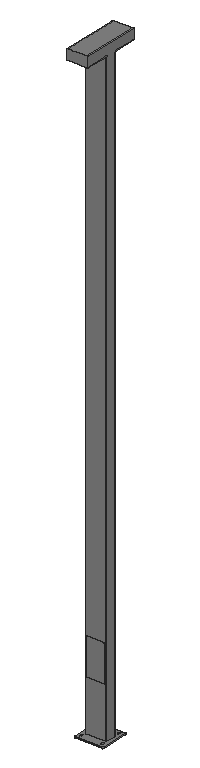
Revit family "Супремус В", category Осветительные приборы, Revit 2019 (continued)
Types (7, lengths in mm): name | Файл фотометрической сетки | built-in parameter 1150105 | Lumens | built-in parameter 1150106 | built-in parameter 1150142 | Wattage | L_общая рассеиватели | ADSK_Фактическая мощность | ADSK_Размер_Высота | ADSK_Номинальная мощность | ADSK_Наименование | ADSK_Масса_Текст | ADSK_Масса | ADSK_Артикул | 2
     46.8 46.0 45.0 44.1 43.4 42.5 41.6 40.0 38.4 36.5 34.7 33.2 32.3 30.6 29.3 28.5\r\n 26.3 23.0 19.4 17.2 16.0 15.0 14.0 13.2 12.4 11.4 10.1 9.5 9.4 9.6 9.9 9.4 8.7 8.2 7.5 7.5 7.0 7.6 7.8 7.5 6.8 5.9 5.2 5.0 4.9\r\n 5.1 5.3 5.4 0.0 0.0 0.0 0.0 0.0 0.0 0.0 0.0 0.0 0.0 0.0 0.0 0.0 0.0 0.0 0.0 0.0 0.0 0.0 0.0 0.0 0.0 0.0 0.0 0.0 0.0 0.0 0.0 0.0\r\n 0.0 0.0 0.0 0.0 0.0 0.0 0.0 0.0 0.0 0.0 0.0 0.0 0.0 0.0 0.0 0.0 0.0 0.0 0.0 0.0 0.0 0.0 0.0 0.0 0.0 0.0 0.0 0.0 0.0 0.0 0.0 0.0\r\n 0.0 0.0 0.0 0.0 0.0 0.0 0.0 0.0 0.0 0.0 0.0 0.0 0.0 0.0 0.0 0.0 0.0 0.0 0.0 0.0 0.0 0.0 0.0 0.0 0.0 0.0 0.0 0.0 0.0 0.0 0.0 0.0\r\n 0.0 0.0 0.0 0.0 0.0 0.0 0.0 0.0 0.0 0.0 0.0 0.0 0.0 0.0 0.0 0.0 0.0 0.0 0.0 0.0 0.0 0.0 0.0 0.0 0.0 0.0 0.0 0.0 0.0 0.0 0.0 0.0\r\n 0.0 0.0 0.0 0.0 0.0 0.0 0.0 0.0 0.0 0.0 0.0 0.0 0.0 0.0 0.0 0.0 0.0 0.0 0.0 0.0 0.0 0.0 0.0 0.0 0.0 0.0 0.0 0.0 0.0 0.0 0.0 0.0\r\n 0.0 0.0 0.0\r\n275.6 273.3 270.8 268.1 265.9 263.1 260.6 258.2 255.5 252.9 250.2 247.2 243.8 239.9 235.5 231.1 227.1 223.2 220.1 217.2 214.0\r\n 210.7 207.1 203.2 199.2 195.4 191.3 187.4 183.1 178.7 174.0 169.0 163.9 158.9 154.0 149.5 145.1 140.9 137.3 134.0 130.8 128.1\r\n 125.5 122.8 120.4 118.0 115.6 113.1 110.3 107.4 104.4 101.3 98.5 95.8 93.2 90.5 87.6 84.6 81.8 79.1 76.8 74.3 72.0 69.7 67.3 65.3\r\n 63.2 61.3 59.6 58.0 56.5 55.0 53.5 52.1 50.6 49.2 48.0 46.7 45.5 44.5 43.5 42.6 41.7 40.9 40.1 39.3 38.6 38.1 37.8 37.3 37.1 37.0\r\n 37.1 37.0 36.8 37.0 37.4 37.8 38.1 38.0 37.8 37.6 37.3 36.8 36.6 37.1 37.0 36.8 36.2 35.5 34.8 34.0 33.7 33.4 33.0 33.0 33.0 33.3\r\n 34.0 34.6 35.5 36.7 38.1 40.0 42.8 47.2 51.7 56.4 60.8 64.8 68.8 72.0 73.8 73.9 72.0 71.0 68.6 66.5 64.1 62.7 61.3 60.0 58.5 56.8\r\n 56.1 55.2 54.4 53.4 52.5 51.8 51.1 50.4 49.5 48.6 47.6 46.3 45.2 44.3 43.2 42.2 40.4 38.6 36.6 34.9 33.6 32.3 30.6 29.5 28.1 25.7\r\n 22.1 18.9 17.2 16.0 14.9 13.9 13.1 12.3 11.4 9.9 9.6 9.6 10.0 9.9 9.6 8.8 8.1 7.7 7.5 7.8 8.6 8.4 7.8 6.8 5.8 5.3 5.2 5.0 5.3 5.5\r\n 5.7 0.0 0.0 0.0 0.0 0.0 0.0 0.0 0.0 0.0 0.0 0.0 0.0 0.0 0.0 0.0 0.0 0.0 0.0 0.0 0.0 0.0 0.0 0.0 0.0 0.0 0.0 0.0 0.0 0.0 0.0 0.0\r\n 0.0 0.0 0.0 0.0 0.0 0.0 0.0 0.0 0.0 0.0 0.0 0.0 0.0 0.0 0.0 0.0 0.0 0.0 0.0 0.0 0.0 0.0 0.0 0.0 0.0 0.0 0.0 0.0 0.0 0.0 0.0 0.0\r\n 0.0 0.0 0.0 0.0 0.0 0.0 0.0 0.0 0.0 0.0 0.0 0.0 0.0 0.0 0.0 0.0 0.0 0.0 0.0 0.0 0.0 0.0 0.0 0.0 0.0 0.0 0.0 0.0 0.0 0.0 0.0 0.0\r\n 0.0 0.0 0.0 0.0 0.0 0.0 0.0 0.0 0.0 0.0 0.0 0.0 0.0 0.0 0.0 0.0 0.0 0.0 0.0 0.0 0.0 0.0 0.0 0.0 0.0 0.0 0.0 0.0 0.0 0.0 0.0 0.0\r\n 0.0 0.0 0.0 0.0 0.0 0.0 0.0 0.0 0.0 0.0 0.0 0.0 0.0 0.0 0.0 0.0 0.0 0.0 0.0 0.0 0.0 0.0 0.0 0.0 0.0 0.0 0.0 0.0 0.0 0.0 0.0 0.0\r\n 0.0\r\n275.6 273.1 270.6 268.0 265.6 263.0 260.5 258.1 255.4 252.7 250.1 247.1 243.8 240.0 235.6 231.1 227.0 223.2 219.9 216.9 213.9\r\n 210.5 207.1 203.2 199.1 195.2 191.3 187.2 183.0 178.5 173.6 168.6 163.8 158.8 153.9 149.2 144.9 140.9 137.1 133.8 130.8 128.1\r\n 125.4 122.6 119.9 117.5 115.3 112.7 109.9 107.0 103.9 100.8 97.9 95.3 92.7 90.0 87.2 84.2 81.4 78.7 76.4 74.1 71.7 69.3 67.0 64.8\r\n 62.8 61.0 59.2 57.6 56.2 54.7 53.3 51.8 50.4 49.0 47.8 46.6 45.4 44.3 43.4 42.5 41.7 40.9 40.1 39.3 38.6 38.3 37.9 37.5 37.3 37.1\r\n 37.1 37.0 36.8 36.8 37.3 37.8 38.1 38.0 37.7 37.4 37.0 36.7 36.7 37.3 37.2 36.9 36.4 35.6 35.0 34.5 34.1 33.8 33.4 33.2 33.2 33.7\r\n 34.3 35.1 35.9 36.8 38.3 40.2 42.7 46.8 51.2 56.3 60.4 64.4 69.4 74.0 75.6 75.1 73.7 72.1 69.9 66.7 64.2 62.0 60.7 59.6 58.6 58.5\r\n 57.0 55.3 54.3 53.7 52.9 52.3 51.9 51.3 50.2 49.2 47.7 46.3 44.9 43.8 42.6 41.3 39.5 37.6 35.7 34.3 33.0 32.0 30.7 29.1 27.4 25.2\r\n 22.0 18.5 16.8 15.6 14.5 13.6 12.7 11.8 11.1 10.0 9.1 8.8 9.1 9.4 8.9 8.4 7.9 7.4 7.5 7.8 9.3 8.1 7.1 6.4 5.8 5.2 5.1 4.9 5.0 5.2\r\n 5.5 0.0 0.0 0.0 0.0 0.0 0.0 0.0 0.0 0.0 0.0 0.0 0.0 0.0 0.0 0.0 0.0 0.0 0.0 0.0 0.0 0.0 0.0 0.0 0.0 0.0 0.0 0.0 0.0 0.0 0.0 0.0\r\n 0.0 0.0 0.0 0.0 0.0 0.0 0.0 0.0 0.0 0.0 0.0 0.0 0.0 0.0 0.0 0.0 0.0 0.0 0.0 0.0 0.0 0.0 0.0 0.0 0.0 0.0 0.0 0.0 0.0 0.0 0.0 0.0\r\n 0.0 0.0 0.0 0.0 0.0 0.0 0.0 0.0 0.0 0.0 0.0 0.0 0.0 0.0 0.0 0.0 0.0 0.0 0.0 0.0 0.0 0.0 0.0 0.0 0.0 0.0 0.0 0.0 0.0 0.0 0.0 0.0\r\n 0.0 0.0 0.0 0.0 0.0 0.0 0.0 0.0 0.0 0.0 0.0 0.0 0.0 0.0 0.0 0.0 0.0 0.0 0.0 0.0 0.0 0.0 0.0 0.0 0.0 0.0 0.0 0.0 0.0 0.0 0.0 0.0\r\n 0.0 0.0 0.0 0.0 0.0 0.0 0.0 0.0 0.0 0.0 0.0 0.0 0.0 0.0 0.0 0.0 0.0 0.0 0.0 0.0 0.0 0.0 0.0 0.0 0.0 0.0 0.0 0.0 0.0 0.0 0.0 0.0\r\n 0.0\r\n275.6 273.1 270.8 268.1 265.6 263.1 260.6 258.0 255.4 252.8 250.1 247.2 243.8 239.9 235.6 231.1 227.1 223.3 220.1 216.9 214.0\r\n 210.7 207.3 203.3 199.4 195.4 191.4 187.4 183.1 178.6 173.7 168.6 163.6 158.8 154.1 149.5 145.1 141.1 137.4 134.1 130.9 128.0\r\n 125.3 122.6 120.1 117.8 115.6 113.1 110.3 107.3 104.4 101.4 98.5 95.8 93.2 90.6 87.6 84.7 81.8 79.0 76.6 74.3 72.1 69.6 67.4 65.2\r\n 63.0 61.3 59.5 57.9 56.4 54.9 53.6 52.1 50.7 49.3 48.1 46.9 45.7 44.7 43.7 42.8 41.9 41.0 40.2 39.4 38.7 38.2 37.7 37.3 37.2 37.0\r\n 36.9 36.7 36.5 36.5 37.1 37.7 38.0 37.9 37.7 37.2 36.8 36.6 36.6 37.3 37.3 36.9 36.3 35.5 35.1 34.6 34.1 33.6 33.1 32.9 33.0 33.4\r\n 34.0 34.6 35.7 36.8 38.4 40.4 42.9 46.8 51.4 56.2 60.0 63.6 67.4 71.1 73.3 74.1 72.9 71.5 69.3 67.0 64.9 62.5 60.5 59.5 58.8 57.6\r\n 56.9 55.9 54.7 53.9 52.9 52.2 51.5 50.9 50.0 49.1 47.9 46.8 45.6 44.7 43.7 42.2 40.2 38.3 36.4 35.2 33.6 32.6 31.5 29.4 27.6 25.3\r\n 21.9 18.6 16.9 15.6 14.5 13.5 12.6 11.8 10.8 9.7 9.4 9.1 9.4 9.8 9.3 8.7 8.1 7.7 7.7 8.3 9.7 8.5 7.2 6.4 5.7 5.2 5.0 5.1 5.2 5.3\r\n 5.6 0.0 0.0 0.0 0.0 0.0 0.0 0.0 0.0 0.0 0.0 0.0 0.0 0.0 0.0 0.0 0.0 0.0 0.0 0.0 0.0 0.0 0.0 0.0 0.0 0.0 0.0 0.0 0.0 0.0 0.0 0.0\r\n 0.0 0.0 0.0 0.0 0.0 0.0 0.0 0.0 0.0 0.0 0.0 0.0 0.0 0.0 0.0 0.0 0.0 0.0 0.0 0.0 0.0 0.0 0.0 0.0 0.0 0.0 0.0 0.0 0.0 0.0 0.0 0.0\r\n 0.0 0.0 0.0 0.0 0.0 0.0 0.0 0.0 0.0 0.0 0.0 0.0 0.0 0.0 0.0 0.0 0.0 0.0 0.0 0.0 0.0 0.0 0.0 0.0 0.0 0.0 0.0 0.0 0.0 0.0 0.0 0.0\r\n 0.0 0.0 0.0 0.0 0.0 0.0 0.0 0.0 0.0 0.0 0.0 0.0 0.0 0.0 0.0 0.0 0.0 0.0 0.0 0.0 0.0 0.0 0.0 0.0 0.0 0.0 0.0 0.0 0.0 0.0 0.0 0.0\r\n 0.0 0.0 0.0 0.0 0.0 0.0 0.0 0.0 0.0 0.0 0.0 0.0 0.0 0.0 0.0 0.0 0.0 0.0 0.0 0.0 0.0 0.0 0.0 0.0 0.0 0.0 0.0 0.0 0.0 0.0 0.0 0.0\r\n 0.0\r\n275.6 273.3 270.8 268.4 265.7 263.2 260.8 258.3 255.7 253.1 250.5 247.7 244.4 240.7 236.6 232.2 228.0 224.1 220.7 217.7 214.8\r\n 211.4 208.2 204.6 200.6 196.6 192.8 188.8 184.5 180.4 175.5 170.6 165.6 160.8 156.1 151.6 147.3 143.1 139.2 135.5 132.4 129.4\r\n 126.7 124.1 121.3 118.9 116.7 114.4 111.9 109.2 106.2 103.4 100.6 97.8 95.0 92.3 89.6 86.7 83.8 80.9 78.3 75.9 73.7 71.4 69.0\r\n 66.7 64.6 62.8 61.0 59.3 57.7 56.2 54.8 53.3 51.9 50.5 49.2 48.0 46.8 45.6 44.5 43.4 42.4 41.5 40.5 39.7 38.9 38.2 37.7 37.2 36.9\r\n 36.6 36.4 36.4 36.1 35.8 35.9 36.6 37.0 37.3 37.1 36.7 36.3 36.1 36.0 36.5 37.0 36.6 35.8 34.9 34.4 34.0 33.4 32.9 32.5 32.2 32.3\r\n 32.7 33.2 33.8 34.5 35.3 36.9 38.8 41.1 44.4 48.4 52.6 56.1 59.5 62.3 64.3 66.5 69.0 70.0 69.4 68.2 66.5 64.6 62.9 61.3 59.2 57.2\r\n 55.9 54.9 54.3 53.7 52.7 51.7 51.1 50.5 49.7 48.8 47.9 46.9 46.3 45.7 44.7 43.8 42.7 41.0 39.1 37.3 35.7 34.3 33.2 32.4 30.4 28.4\r\n 26.4 23.7 19.7 17.6 16.4 15.3 14.3 13.4 12.6 11.4 10.2 9.8 9.6 9.6 10.0 9.7 8.8 8.1 7.7 7.6 8.4 9.7 8.7 7.5 6.8 6.0 5.4 5.1 5.3\r\n 5.3 5.6 5.9 0.0 0.0 0.0 0.0 0.0 0.0 0.0 0.0 0.0 0.0 0.0 0.0 0.0 0.0 0.0 0.0 0.0 0.0 0.0 0.0 0.0 0.0 0.0 0.0 0.0 0.0 0.0 0.0 0.0\r\n 0.0 0.0 0.0 0.0 0.0 0.0 0.0 0.0 0.0 0.0 0.0 0.0 0.0 0.0 0.0 0.0 0.0 0.0 0.0 0.0 0.0 0.0 0.0 0.0 0.0 0.0 0.0 0.0 0.0 0.0 0.0 0.0\r\n 0.0 0.0 0.0 0.0 0.0 0.0 0.0 0.0 0.0 0.0 0.0 0.0 0.0 0.0 0.0 0.0 0.0 0.0 0.0 0.0 0.0 0.0 0.0 0.0 0.0 0.0 0.0 0.0 0.0 0.0 0.0 0.0\r\n 0.0 0.0 0.0 0.0 0.0 0.0 0.0 0.0 0.0 0.0 0.0 0.0 0.0 0.0 0.0 0.0 0.0 0.0 0.0 0.0 0.0 0.0 0.0 0.0 0.0 0.0 0.0 0.0 0.0 0.0 0.0 0.0\r\n 0.0 0.0 0.0 0.0 0.0 0.0 0.0 0.0 0.0 0.0 0.0 0.0 0.0 0.0 0.0 0.0 0.0 0.0 0.0 0.0 0.0 0.0 0.0 0.0 0.0 0.0 0.0 0.0 0.0 0.0 0.0 0.0\r\n 0.0 0.0 0.0\r\n275.6 273.3 270.8 268.4 266.0 263.6 261.0 258.7 256.0 253.4 250.8 248.1 244.8 241.2 237.3 233.0 228.7 224.8 221.5 218.3 215.5\r\n 212.4 209.2 205.6 201.8 198.1 194.0 190.1 186.0 182.0 177.6 172.5 167.8 162.9 158.3 153.8 149.5 145.3 141.4 137.6 134.1 130.9\r\n 128.1 125.5 122.9 120.5 118.3 116.2 113.9 111.4 108.8 106.2 103.6 100.6 97.9 95.0 92.2 89.3 86.3 83.5 80.8 78.2 75.7 73.5 71.3\r\n 69.0 67.0 65.0 63.0 61.3 59.6 58.0 56.4 55.0 53.5 52.0 50.7 49.4 48.1 46.8 45.6 44.4 43.3 42.2 41.2 40.2 39.3 38.4 37.6 37.1 36.8\r\n 36.6 36.3 36.1 36.0 35.7 35.4 35.5 36.0 36.3 36.5 36.2 35.7 35.4 35.3 35.6 36.0 36.0 35.6 34.8 34.0 33.4 32.9 32.3 31.9 31.7 31.6\r\n 31.8 32.1 32.6 33.3 34.1 35.4 37.1 39.2 42.0 45.7 49.1 52.0 54.7 56.9 58.0 59.1 60.7 62.7 63.8 63.9 63.4 61.9 60.6 59.8 57.8 55.5\r\n 53.6 51.9 50.4 49.5 48.7 48.1 47.6 47.1 46.5 45.9 45.3 44.7 43.8 43.0 42.4 41.7 40.8 39.5 38.0 36.4 34.8 32.9 31.6 30.8 29.0 27.1\r\n 25.2 22.8 19.2 16.9 15.8 14.7 13.7 13.0 12.1 11.3 10.4 10.1 9.8 9.5 9.4 9.4 8.6 8.0 7.5 7.3 7.9 8.5 8.8 6.8 6.2 5.6 5.3 5.1 5.3\r\n 5.3 5.5 5.5 0.0 0.0 0.0 0.0 0.0 0.0 0.0 0.0 0.0 0.0 0.0 0.0 0.0 0.0 0.0 0.0 0.0 0.0 0.0 0.0 0.0 0.0 0.0 0.0 0.0 0.0 0.0 0.0 0.0\r\n 0.0 0.0 0.0 0.0 0.0 0.0 0.0 0.0 0.0 0.0 0.0 0.0 0.0 0.0 0.0 0.0 0.0 0.0 0.0 0.0 0.0 0.0 0.0 0.0 0.0 0.0 0.0 0.0 0.0 0.0 0.0 0.0\r\n 0.0 0.0 0.0 0.0 0.0 0.0 0.0 0.0 0.0 0.0 0.0 0.0 0.0 0.0 0.0 0.0 0.0 0.0 0.0 0.0 0.0 0.0 0.0 0.0 0.0 0.0 0.0 0.0 0.0 0.0 0.0 0.0\r\n 0.0 0.0 0.0 0.0 0.0 0.0 0.0 0.0 0.0 0.0 0.0 0.0 0.0 0.0 0.0 0.0 0.0 0.0 0.0 0.0 0.0 0.0 0.0 0.0 0.0 0.0 0.0 0.0 0.0 0.0 0.0 0.0\r\n 0.0 0.0 0.0 0.0 0.0 0.0 0.0 0.0 0.0 0.0 0.0 0.0 0.0 0.0 0.0 0.0 0.0 0.0 0.0 0.0 0.0 0.0 0.0 0.0 0.0 0.0 0.0 0.0 0.0 0.0 0.0 0.0\r\n 0.0 0.0 0.0\r\n275.6 273.4 271.1 268.7 266.2 264.0 261.6 259.2 256.8 254.2 251.7 248.9 246.0 242.7 238.9 234.8 230.6 226.6 222.8 219.7 216.8\r\n 213.8 210.9 207.7 204.0 200.3 196.5 192.7 188.8 184.8 181.0 176.5 171.8 167.0 162.4 157.9 153.6 149.4 145.4 141.5 137.6 134.1\r\n 131.1 128.3 125.9 123.4 120.9 118.9 116.9 114.8 112.5 110.1 107.8 105.2 102.5 99.7 96.8 93.8 90.8 87.8 84.9 82.2 79.6 77.2 74.9\r\n 72.7 70.4 68.3 66.4 64.5 62.8 61.2 59.6 58.0 56.5 54.9 53.5 52.1 50.7 49.3 47.9 46.6 45.3 44.0 42.8 41.7 40.6 39.6 38.6 37.6 36.8\r\n 36.5 36.2 36.0 35.8 35.6 35.4 35.1 34.8 34.9 35.3 35.3 35.2 34.8 34.5 34.5 34.5 35.2 35.4 35.0 34.1 33.3 32.5 31.7 31.0 30.4 30.1\r\n 30.0 30.1 30.6 31.2 31.9 33.2 34.7 36.1 38.0 41.1 44.1 46.9 49.5 51.2 51.9 52.0 52.5 53.6 55.2 56.8 57.8 57.9 57.5 57.1 56.6 54.7\r\n 53.0 51.2 48.8 47.0 45.6 44.8 44.0 43.5 42.9 42.5 42.1 41.7 41.2 40.6 40.2 39.6 39.1 38.2 37.3 36.0 34.2 32.6 31.3 30.3 29.2 27.0\r\n 25.3 23.4 20.6 17.6 16.1 14.9 13.8 12.9 12.1 11.1 10.5 9.6 9.6 9.3 9.3 9.0 8.9 8.2 7.7 7.4 7.5 7.1 7.3 6.4 5.9 5.4 5.3 5.1 5.1\r\n 5.2 5.3 4.7 0.0 0.0 0.0 0.0 0.0 0.0 0.0 0.0 0.0 0.0 0.0 0.0 0.0 0.0 0.0 0.0 0.0 0.0 0.0 0.0 0.0 0.0 0.0 0.0 0.0 0.0 0.0 0.0 0.0\r\n 0.0 0.0 0.0 0.0 0.0 0.0 0.0 0.0 0.0 0.0 0.0 0.0 0.0 0.0 0.0 0.0 0.0 0.0 0.0 0.0 0.0 0.0 0.0 0.0 0.0 0.0 0.0 0.0 0.0 0.0 0.0 0.0\r\n 0.0 0.0 0.0 0.0 0.0 0.0 0.0 0.0 0.0 0.0 0.0 0.0 0.0 0.0 0.0 0.0 0.0 0.0 0.0 0.0 0.0 0.0 0.0 0.0 0.0 0.0 0.0 0.0 0.0 0.0 0.0 0.0\r\n 0.0 0.0 0.0 0.0 0.0 0.0 0.0 0.0 0.0 0.0 0.0 0.0 0.0 0.0 0.0 0.0 0.0 0.0 0.0 0.0 0.0 0.0 0.0 0.0 0.0 0.0 0.0 0.0 0.0 0.0 0.0 0.0\r\n 0.0 0.0 0.0 0.0 0.0 0.0 0.0 0.0 0.0 0.0 0.0 0.0 0.0 0.0 0.0 0.0 0.0 0.0 0.0 0.0 0.0 0.0 0.0 0.0 0.0 0.0 0.0 0.0 0.0 0.0 0.0 0.0\r\n 0.0 0.0 0.0\r\n275.6 273.5 271.2 268.9 266.7 264.3 262.1 259.9 257.4 254.9 252.4 249.9 247.1 243.9 240.4 236.6 232.5 228.3 224.6 221.2 218.1\r\n 215.3 212.6 209.4 206.2 202.8 199.0 195.4 191.6 187.9 184.1 180.3 176.0 171.5 166.7 162.4 158.1 153.9 149.8 146.1 142.0 138.2\r\n 134.7 131.7 128.9 126.5 124.3 122.2 120.2 118.2 116.3 114.4 112.2 109.9 107.5 105.1 102.5 99.5 96.5 93.4 90.4 87.3 84.6 81.9 79.5\r\n 77.3 75.2 73.0 70.9 68.9 67.1 65.3 63.4 62.0 60.3 58.7 57.0 55.4 53.7 52.1 50.5 49.0 47.5 46.1 44.7 43.3 42.2 41.0 40.0 39.0 38.1\r\n 37.2 36.5 36.1 35.8 35.5 35.3 35.1 34.9 34.6 34.3 34.4 34.5 34.5 34.4 34.0 33.8 34.0 34.5 34.8 34.2 33.4 32.6 31.7 30.9 30.0 29.4\r\n 29.0 28.8 28.8 29.0 29.5 30.6 32.1 33.8 35.5 37.7 40.2 42.7 45.2 46.6 46.7 46.6 46.5 46.8 47.5 48.5 49.7 50.9 51.6 52.1 52.3 52.2\r\n 51.5 50.5 48.8 46.9 45.2 43.9 43.0 42.3 41.9 41.2 40.7 40.0 39.3 38.8 39.0 38.8 38.0 37.2 36.0 34.7 33.2 31.7 30.3 29.3 28.3 26.9\r\n 25.5 24.2 22.1 19.4 17.7 16.5 15.3 14.2 13.2 12.1 11.3 10.6 10.6 9.7 9.4 8.9 8.7 8.3 7.5 7.1 6.9 6.8 6.3 5.9 5.5 5.1 5.0 5.0 5.0\r\n 4.9 4.7 3.6 0.0 0.0 0.0 0.0 0.0 0.0 0.0 0.0 0.0 0.0 0.0 0.0 0.0 0.0 0.0 0.0 0.0 0.0 0.0 0.0 0.0 0.0 0.0 0.0 0.0 0.0 0.0 0.0 0.0\r\n 0.0 0.0 0.0 0.0 0.0 0.0 0.0 0.0 0.0 0.0 0.0 0.0 0.0 0.0 0.0 0.0 0.0 0.0 0.0 0.0 0.0 0.0 0.0 0.0 0.0 0.0 0.0 0.0 0.0 0.0 0.0 0.0\r\n 0.0 0.0 0.0 0.0 0.0 0.0 0.0 0.0 0.0 0.0 0.0 0.0 0.0 0.0 0.0 0.0 0.0 0.0 0.0 0.0 0.0 0.0 0.0 0.0 0.0 0.0 0.0 0.0 0.0 0.0 0.0 0.0\r\n 0.0 0.0 0.0 0.0 0.0 0.0 0.0 0.0 0.0 0.0 0.0 0.0 0.0 0.0 0.0 0.0 0.0 0.0 0.0 0.0 0.0 0.0 0.0 0.0 0.0 0.0 0.0 0.0 0.0 0.0 0.0 0.0\r\n 0.0 0.0 0.0 0.0 0.0 0.0 0.0 0.0 0.0 0.0 0.0 0.0 0.0 0.0 0.0 0.0 0.0 0.0 0.0 0.0 0.0 0.0 0.0 0.0 0.0 0.0 0.0 0.0 0.0 0.0 0.0 0.0\r\n 0.0 0.0 0.0\r\n275.6 273.5 271.3 269.1 267.0 264.8 262.6 260.3 258.2 255.6 253.2 250.8 248.3 245.4 242.3 238.7 235.1 231.1 227.2 223.6 220.4\r\n 217.2 214.4 211.6 208.8 205.8 202.5 198.9 195.5 191.7 188.4 184.7 181.1 177.2 173.1 168.6 164.2 160.0 156.0 152.3 148.6 144.9\r\n 141.2 137.5 134.2 131.5 129.0 126.8 124.7 122.7 120.6 118.8 117.1 115.2 113.2 111.1 109.1 106.9 104.4 101.5 98.5 95.5 92.4 89.3\r\n 86.4 83.9 81.6 79.4 77.3 75.1 73.1 71.1 69.2 67.2 65.3 63.5 61.9 60.4 58.8 57.0 55.2 53.4 51.7 50.0 48.3 46.6 45.1 43.7 42.4 41.3\r\n 40.1 39.1 38.2 37.4 36.6 35.9 35.6 35.3 35.0 34.8 34.7 34.5 34.2 33.9 33.8 33.7 33.5 33.4 33.2 33.3 33.8 34.0 33.4 32.8 31.9 31.0\r\n 30.1 29.1 28.4 27.9 27.6 27.6 27.8 28.4 29.4 30.7 32.2 34.3 37.0 39.8 42.6 44.5 44.8 44.4 43.6 42.9 43.2 43.4 44.0 44.8 45.5 46.1\r\n 46.2 46.0 45.9 45.4 44.9 44.2 43.3 43.1 43.2 42.3 41.4 40.3 39.4 38.3 37.5 37.3 37.2 36.5 35.4 34.3 32.9 31.6 30.2 29.0 28.3 27.1\r\n 25.9 24.8 23.8 22.4 20.6 18.2 16.7 15.6 14.6 13.7 12.7 11.7 10.8 10.2 9.9 9.0 8.6 8.0 8.0 7.6 6.8 6.4 6.0 5.4 5.0 4.7 4.5 4.4 4.4\r\n 4.3 4.2 3.7 2.6 0.0 0.0 0.0 0.0 0.0 0.0 0.0 0.0 0.0 0.0 0.0 0.0 0.0 0.0 0.0 0.0 0.0 0.0 0.0 0.0 0.0 0.0 0.0 0.0 0.0 0.0 0.0 0.0\r\n 0.0 0.0 0.0 0.0 0.0 0.0 0.0 0.0 0.0 0.0 0.0 0.0 0.0 0.0 0.0 0.0 0.0 0.0 0.0 0.0 0.0 0.0 0.0 0.0 0.0 0.0 0.0 0.0 0.0 0.0 0.0 0.0\r\n 0.0 0.0 0.0 0.0 0.0 0.0 0.0 0.0 0.0 0.0 0.0 0.0 0.0 0.0 0.0 0.0 0.0 0.0 0.0 0.0 0.0 0.0 0.0 0.0 0.0 0.0 0.0 0.0 0.0 0.0 0.0 0.0\r\n 0.0 0.0 0.0 0.0 0.0 0.0 0.0 0.0 0.0 0.0 0.0 0.0 0.0 0.0 0.0 0.0 0.0 0.0 0.0 0.0 0.0 0.0 0.0 0.0 0.0 0.0 0.0 0.0 0.0 0.0 0.0 0.0\r\n 0.0 0.0 0.0 0.0 0.0 0.0 0.0 0.0 0.0 0.0 0.0 0.0 0.0 0.0 0.0 0.0 0.0 0.0 0.0 0.0 0.0 0.0 0.0 0.0 0.0 0.0 0.0 0.0 0.0 0.0 0.0 0.0\r\n 0.0 0.0 0.0 0.0\r\n275.6 273.7 271.5 269.5 267.3 265.2 263.1 261.2 259.1 256.8 254.3 252.0 249.5 246.9 244.2 240.9 237.3 233.7 230.0 226.3 222.9\r\n 219.7 216.6 213.7 211.2 208.6 205.7 202.6 199.1 195.9 192.6 189.0 185.6 182.2 178.8 175.1 171.2 166.8 162.7 159.0 155.3 151.8\r\n 148.4 144.9 141.5 137.9 134.8 132.1 129.7 127.5 125.6 124.1 122.5 120.8 119.2 117.5 115.6 113.7 111.7 109.5 106.9 104.2 101.5\r\n 98.6 95.6 92.9 90.2 87.6 85.2 82.8 80.7 78.7 76.6 74.8 72.8 70.9 69.0 67.1 65.2 63.3 61.6 59.8 58.0 56.0 54.0 52.0 50.1 48.2 46.4\r\n 44.7 43.2 41.9 40.8 39.7 38.7 37.8 37.0 36.3 35.7 35.4 35.1 34.8 34.7 34.5 34.2 33.9 33.4 33.1 32.8 32.6 32.6 32.8 33.2 33.2 32.4\r\n 31.5 30.7 30.0 29.3 28.4 27.5 26.9 26.4 26.1 26.1 26.5 27.4 28.6 30.1 31.9 34.2 36.3 39.0 41.8 42.8 43.4 42.3 41.7 41.3 41.5 41.7\r\n 41.6 41.0 40.4 39.8 38.9 38.4 37.7 37.2 37.0 37.5 38.1 37.7 36.5 35.9 35.6 35.6 35.8 34.5 32.7 31.6 30.4 28.9 27.4 26.2 25.1 24.3\r\n 23.5 22.9 22.2 21.7 20.6 19.0 17.1 15.2 14.0 13.0 12.1 11.2 10.0 9.1 8.5 8.3 7.8 7.2 6.9 6.7 6.6 6.1 5.7 5.2 4.7 4.4 4.1 4.0 4.1\r\n 4.0 3.9 3.5 2.5 2.2 0.0 0.0 0.0 0.0 0.0 0.0 0.0 0.0 0.0 0.0 0.0 0.0 0.0 0.0 0.0 0.0 0.0 0.0 0.0 0.0 0.0 0.0 0.0 0.0 0.0 0.0 0.0\r\n 0.0 0.0 0.0 0.0 0.0 0.0 0.0 0.0 0.0 0.0 0.0 0.0 0.0 0.0 0.0 0.0 0.0 0.0 0.0 0.0 0.0 0.0 0.0 0.0 0.0 0.0 0.0 0.0 0.0 0.0 0.0 0.0\r\n 0.0 0.0 0.0 0.0 0.0 0.0 0.0 0.0 0.0 0.0 0.0 0.0 0.0 0.0 0.0 0.0 0.0 0.0 0.0 0.0 0.0 0.0 0.0 0.0 0.0 0.0 0.0 0.0 0.0 0.0 0.0 0.0\r\n 0.0 0.0 0.0 0.0 0.0 0.0 0.0 0.0 0.0 0.0 0.0 
